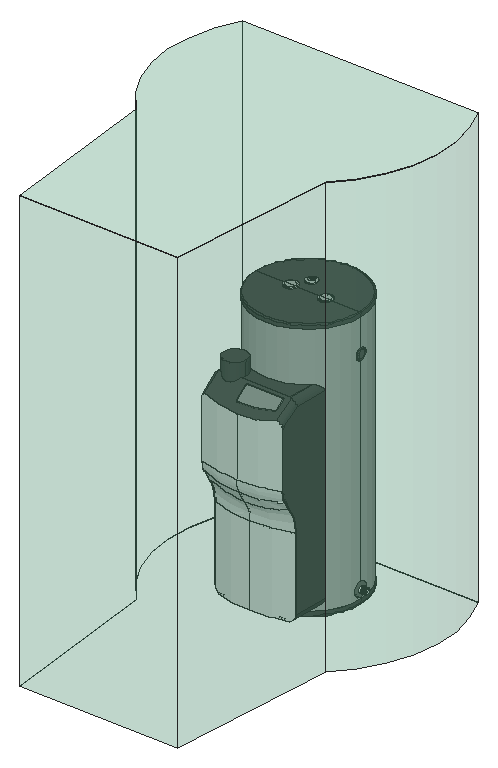
Revit family "Innovo NL_IR 12 160 NL NAT", category Mechanical Equipment, Revit 2015
Parameters (values of type "IR-12-160 NL NAT")
  Werkruimte Radius = Diameter + 170 mm  # 780 mm
  Werkruimte Hoogte = Hoogte + 1000 mm  # 2545 mm
  Werkruimte Afstand Voor = 1000 mm
  Werkruimte [instance] = yes
  Voorzorgsmaatregelen tijdens montage, installatie of onderhoud = "zie Gebruikers, Installatie, Service en Onderhouds handleiding"  # constant formula
  Voltage = 230 V  # constant formula
  Verpakkingslengte = 946 mm  # constant formula
  Verpakkingshoogte = 1695 mm
  Verpakkingsbreedte = 786 mm  # constant formula
  Uitsluitend werkend in daluren = no
  Type aanduiding = "IR-32-245"
  Transportgewicht = 136 kg
  Totaal Gewicht = 381 kg
  Stilstandsverlies - dagelijks (24u) = 0 W
  Stilstandsverlies = 0 W
  Standaard Afgesteld op = "G30/G31"
  Stand Regelthermostaat = 65 °C  # constant formula
  Soort Verpakking = "Karton en Hout"  # constant formula
  Slimme controlefunctie = no
  Setpoint thermostaat = 65 °C  # constant formula
  Seizoens Rendement (Hs) = [Rendement (Hs, vlgs. NEN-EN 89 - 1999)]  # 95
  Rendement (Hs, vlgs. NEN-EN 89 - 1999) = 95
  Rendement (Hi, vlgs. NEN-EN 89 - 1999) = 106
  Produktspecificaties Link = ""
  Produkthandleiding Link = ""
  Produkt Model Nummer (EAN-nummer) = "8717449283940"
  Onderhoudsinterval = "12 maanden"  # constant formula
  Nominale Belasting (Onderwaarde) = "33000.0/29000.0"
  Nominale Belasting (Bovenwaarde) = "35800.0/31500.0"
  Nominaal Vermogen = "34100.0/30100.0"
  NOx-uitstoot mg/kWh = "103.0/37.0"
  NOx-uitstoot (lucht vrij, 0% O2) ppm = "63.0/23.0"
  Min. Stand Regelthermostaat = 40 °C  # constant formula
  Max. Werkdruk = 800000.0 Pa
  Max. Stand Regelthermostaat = 85 °C  # constant formula
  Max. Rookgastemperatuur = 65 °C
  Ledig Gewicht = 120 kg
  Kraan Hoogte 02 = if(and(Hoogte = 1745 mm, Diameter = 675 mm), 1518 mm, if(and(Hoogte = 1745 mm, Diameter = 610 mm), 1534 mm, if(Hoogte = 1545 mm, 1328 mm, 1070 mm)))  # 1328 mm
  Kraan Hoogte 01 = if(and(Diameter > 560 mm), 693 mm, 604 mm)  # 693 mm
  Uitschakeldruk LDS < = 210.0 Pa
  URL = "www.aosmith.nl"
  Tapcapaciteit bij ΔT = 70°C  na 90 min. = 710.0 L
  Tapcapaciteit bij ΔT = 70°C  na 60 min. = 520.0 L
  Tapcapaciteit bij ΔT = 70°C  na 30 min. = 330.0 L
  Tapcapaciteit bij ΔT = 70°C  na 120 min. = 900.0 L
  Tapcapaciteit bij ΔT = 55°C  na 90 min. = 930.0 L
  Tapcapaciteit bij ΔT = 55°C  na 60 min. = 690.0 L
  Tapcapaciteit bij ΔT = 55°C  na 30 min. = 440.0 L
  Tapcapaciteit bij ΔT = 55°C  na 120 min. = 1200.0 L
  Tapcapaciteit bij ΔT = 50°C  na 90 min. = 1100.0 L
  Tapcapaciteit bij ΔT = 50°C  na 60 min. = 760.0 L
  Tapcapaciteit bij ΔT = 50°C  na 30 min. = 500.0 L
  Tapcapaciteit bij ΔT = 50°C na 120 min. = 1300.0 L
  Tapcapaciteit bij ΔT = 44°C na 120 min. = 1200.0 L
  Tapcapaciteit bij ΔT = 44°C  na 90 min. = 870.0 L
  Tapcapaciteit bij ΔT = 44°C  na 60 min. = 570.0 L
  Tapcapaciteit bij ΔT = 44°C  na 30 min. = 1500.0 L
  Tapcapaciteit bij ΔT = 28°C na 90 min. = 1900.0 L
  Tapcapaciteit bij ΔT = 28°C na 60 min. = 1400.0 L
  Tapcapaciteit bij ΔT = 28°C na 30 min. = 930.0 L
  Tapcapaciteit bij ΔT = 28°C na 120 min. = 2400.0 L
  Tapcapaciteit Continu bij ΔT = 70°C = 380.0 L/s
  Tapcapaciteit Continu bij ΔT = 55°C = 480.0 L/s
  Tapcapaciteit Continu bij ΔT = 50°C = 530.0 L/s
  Tapcapaciteit Continu bij ΔT = 44°C = 600.0 L/s
  Tapcapaciteit Continu bij ΔT = 28°C = 960.0 L/s
  Opwarmtijd bij ΔT = 70°C = "31"
  Opwarmtijd bij ΔT = 55°C = "24"
  Opwarmtijd bij ΔT = 50°C = "22"
  Opwarmtijd bij ΔT = 44°C = "20"
  Opwarmtijd bij ΔT = 28°C = "13"
  Model = "IR-32-325 NL LP"
  Manufacturer = "A.O. Smith Water Products Company b.v."  # constant formula
  Length = 780 mm  # constant formula
  Jaarlijks elektriciteitsverbruik (2) = "-"
  Jaarlijks elektriciteitsverbruik (1) = "44 kWh"
  Jaarlijks brandstofverbruik (2) = "-"
  Jaarlijks brandstofverbruik (1) = "21 GJ GCV"
  Isolatiedikte = 44 mm
  Installatie Typen = "B23/C13/C33/C43/C53/C63"  # constant formula
  Inhoud = 245.0 L
  Hoogte Warm Water Uitlaat = 1545 mm
  Hoogte Rookgasafvoer = 1345 mm
  Hoogte Lucht Inlaat = 1345 mm
  Hoogte Koud Water Inlaat = 170 mm
  Hoogte Gas Aansluiting = 920 mm
  Hoogte = 1545 mm
  Handelsmerk = "A.O. Smith"  # constant formula
  Geluidsniveau dB (A) = "<45"  # constant formula
  Geluidsniveau binnen = "58 dB"
  Gasverbruik - Volume ltr/hr = "n.v.t."
  Gasverbruik - Massa kg/h = "2.60/2.30"
  Gascategorie = "II2EK3B/P"  # constant formula
  Gas Voordruk = 5000.0 Pa
  Gas Aansluiting = 15"  # constant formula
  Garrantie op Tank = "36 maanden"  # constant formula
  Garrantie op Onderdelen = "12 maanden"  # constant formula
  Frequentie = 50 Hz  # constant formula
  Fase = 1
  Fabrikantnummer = "E 7110"  # constant formula
  Energie-efficiëntieklasse voor waterverwarming (2) = "-"
  Energie-efficiëntieklasse voor waterverwarming (1) = "A"  # constant formula
  Energie-efficiëntie voor waterverwarming (2) = "-"
  Energie-efficiëntie voor waterverwarming (1) = "92%"
  Elektrisch Vermogen (piek) = 105 W
  Elektrisch Vermogen (nominaal) = 85 W
  Diameter Schoorsteen - parallel systeem = "2x80"  # constant formula
  Diameter Schoorsteen - concentrisch systeem = "80/125 mm/mm"  # constant formula
  Diameter Schoorsteen - boiler = "80/125 mm/mm"  # constant formula
  Diameter = 610 mm
  Description = "Condenserende Hoog Rendementsboiler"  # constant formula
  Created By = "http://www.cadcompany.nl/"
  Capaciteitsprofiel = "XXL"
  CO2-uitstoot (tol. +/- 1.0) vol% = "11.8/10.0"
  CE-PIN = "0063CQ3037"  # constant formula
  Breedte = Diameter  # 610 mm
  Bestemming / Land = "Nederland"  # constant formula
  BIM Content Developer = "CAD & Company"  # constant formula
  Assembly Code = "D3010"
  Ander capaciteitsprofiel = "-"
  Aansluiting Warm Water = 1"
  Aansluiting T&P = 1"
  Aansluiting Koud Water = 3/4"  # constant formula
  Aansluiting Condensafvoer = 40 mm  # constant formula
  Aansluiting Aftapkraan = 3/4"  # constant formula
  2e Onderhoud (algeheel onderhoud) = "12 maanden na installatie"  # constant formula
  1e Onderhoud (check-up) = "3 maanden na installatie"  # constant formula
Reference planes
  plane 1 "Center (Front/Back)": y = 0
  plane 2: z = 0
  plane 3 "Center (Left/Right)": x = 0
  plane 4 "Pipe": through (-383.901, 912.349, 194.799) normal (-0.0879, -0.0879, 0.9923)
  plane 5 "footing": y = 118.925
  plane 6 "footing front": y = -237.85
  plane 7: x = -305
  plane 8: x = 305
  plane 9: z = 1545
Forms (mm)
  Revolve 1, solid, material "RAL 9005", detail levels medium+fine
    sketch origin (0, -237.85, 0) x (-1, 0, 0) y (0, 0, 1)
      loop
        line (0, 28.9) -> (-15, 28.9) -> (-15, 26.4) -> (-8.671, 26.4) -> (-8.671, 18) -> (-5.686, 18) -> (-6.626, 17.06) -> (-6.626, 12.06) -> (-8.671, 12.06) -> (-8.671, 10) -> (-10.031, 10) -> (-23.271, 5.181)
        arc (-23.271, 5.181) -> (-23.763, 4.836) -> (-24.017, 4.293) r 1.159
        line (-24.017, 4.293) -> (-24.017, 1.03)
        arc (-24.017, 1.03) -> (-23.715, 0.302) -> (-22.986, 0) r 1.03
        line (-22.986, 0) -> (0, 0) -> (0, 28.9)
      axis (0, 28.9) -> (0, 0)
    angle from 0 to 360
  Revolve 2, solid, material "RAL 9005", detail levels medium+fine
    sketch origin (0, 118.925, 0) x (-1, 0, 0) y (0, 0, 1)
      loop
        line (-205.984, 28.9) -> (-220.984, 28.9) -> (-220.984, 26.4) -> (-214.655, 26.4) -> (-214.655, 18) -> (-211.67, 18) -> (-212.61, 17.06) -> (-212.61, 12.06) -> (-214.655, 12.06) -> (-214.655, 10) -> (-216.015, 10) -> (-229.256, 5.181)
        arc (-229.256, 5.181) -> (-229.747, 4.836) -> (-230.001, 4.293) r 1.159
        line (-230.001, 4.293) -> (-230.001, 1.03)
        arc (-230.001, 1.03) -> (-229.699, 0.302) -> (-228.971, 0) r 1.03
        line (-228.971, 0) -> (-205.984, 0) -> (-205.984, 28.9)
      axis (-205.984, 28.9) -> (-205.984, 0)
    angle from 0 to 360
  Revolve 3, solid, material "RAL 9005", detail levels medium+fine
    sketch origin (0, 118.925, 0) x (-1, 0, 0) y (0, 0, 1)
      loop
        line (204.016, 28.9) -> (189.016, 28.9) -> (189.016, 26.4) -> (195.345, 26.4) -> (195.345, 18) -> (198.33, 18) -> (197.39, 17.06) -> (197.39, 12.06) -> (195.345, 12.06) -> (195.345, 10) -> (193.985, 10) -> (180.744, 5.181)
        arc (180.744, 5.181) -> (180.253, 4.836) -> (179.999, 4.293) r 1.159
        line (179.999, 4.293) -> (179.999, 1.03)
        arc (179.999, 1.03) -> (180.301, 0.302) -> (181.029, 0) r 1.03
        line (181.029, 0) -> (204.016, 0) -> (204.016, 28.9)
      axis (204.016, 28.9) -> (204.016, 0)
    angle from 0 to 360
Lines and regions (mm)
  symbolic lines
    curve 1: line (0, 280.06, 0) -> (0, -280.06, 0)
    curve 2: line (-280.06, 0, 0) -> (280.06, 0, 0)
  symbolic lines, style "Workspace"
    curve 3: line (681.142, 380.06, 0) -> (-681.142, 380.06, 0)
    curve 4: arc (-681.142, 380.06, 0) -> (-777.325, -64.546, 0) -> (-609.127, -487.2, 0) r 780
    curve 5: line (-609.127, -487.2, 0) -> (-421.783, -1517.825, 0)
    curve 6: line (-421.783, -1517.825, 0) -> (424.03, -1517.825, 0)
    curve 7: line (424.03, -1517.825, 0) -> (611.027, -484.816, 0)
    curve 8: arc (611.027, -484.816, 0) -> (777.449, -63.027, 0) -> (681.142, 380.06, 0) r 780
Dimensions and locks
  plane 5 "footing" to plane 1 "Center (Front/Back)" = 118.925 mm
  plane 1 "Center (Front/Back)" to plane 6 "footing front" = 237.85 mm
  "Diameter": plane 7 to plane 8
  equal spacing: plane 7, plane 3 "Center (Left/Right)", plane 8
  "Hoogte": plane 9 to plane 2
  "Werkruimte Afstand Voor": curve 6 to nested 3
  "Werkruimte Radius": radius of curve 4
  "Werkruimte Radius": radius of curve 8
  aligned and locked: level to plane 2
  aligned and locked: nested 3 to Revolve 1 sketch curve
  aligned and locked: plane 3 "Center (Left/Right)" to Revolve 1 sketch curve
  aligned and locked: nested 3 to plane 1 "Center (Front/Back)"
  aligned and locked: plane 3 "Center (Left/Right)" to nested 3
  aligned and locked: nested 1 to plane 8
  aligned and locked: nested 5 to plane 8
  aligned and locked: nested 2 to plane 7
  aligned and locked: nested 4 to plane 7
  aligned and locked: nested 7 to plane 7
  aligned and locked: nested 8 to plane 3 "Center (Left/Right)"
  aligned and locked: curve 3 to nested 8
  aligned and locked: nested 8 to nested 3
Automatic sketch dimensions
  Revolve 1 sketch curve to level = 0 mm
  plane 3 "Center (Left/Right)" to Revolve 1 sketch curve = 5.686 mm
  Revolve 1 sketch curve to Revolve 1 sketch curve = 0.94 mm  (x2)
  Revolve 1 sketch curve to Revolve 1 sketch curve = 2.046 mm  (x2)
  Revolve 1 sketch curve to Revolve 1 sketch curve = 1.359 mm
  Revolve 1 sketch curve to Revolve 1 sketch curve = 6.329 mm
  level to Revolve 1 sketch curve = 4.091 mm
  Revolve 1 sketch curve to Revolve 1 sketch curve = 12.844 mm
  level to Revolve 1 sketch curve = 1.03 mm
  Revolve 1 sketch curve to Revolve 1 sketch curve = 0.111 mm
  level to Revolve 1 sketch curve = 5.181 mm
  Revolve 1 sketch curve to Revolve 1 sketch curve = 0.745 mm
  level to Revolve 1 sketch curve = 10 mm
  Revolve 1 sketch curve to Revolve 1 sketch curve = 2.06 mm
  Revolve 1 sketch curve to Revolve 1 sketch curve = 5 mm
  Revolve 1 sketch curve to Revolve 1 sketch curve = 8.4 mm
  Revolve 1 sketch curve to Revolve 1 sketch curve = 2.5 mm
  Revolve 1 sketch curve to level = 19.635 mm
  Revolve 1 sketch curve to Revolve 1 sketch curve = 46.465 mm
  Revolve 2 sketch curve to level = 0 mm
  level to Revolve 2 sketch curve = 1.03 mm
  Revolve 2 sketch curve to plane 8 = 74.999 mm
  level to Revolve 2 sketch curve = 5.181 mm
  Revolve 2 sketch curve to Revolve 2 sketch curve = 0.745 mm
  Revolve 2 sketch curve to Revolve 2 sketch curve = 0.397 mm
  Revolve 2 sketch curve to Revolve 2 sketch curve = 8.271 mm
  Revolve 2 sketch curve to Revolve 2 sketch curve = 13.241 mm
  Revolve 2 sketch curve to Revolve 2 sketch curve = 1.359 mm
  Revolve 2 sketch curve to Revolve 2 sketch curve = 6.329 mm
  Revolve 2 sketch curve to Revolve 2 sketch curve = 2.046 mm
  level to Revolve 2 sketch curve = 18 mm
  Revolve 2 sketch curve to Revolve 2 sketch curve = 0.94 mm  (x2)
  Revolve 2 sketch curve to Revolve 2 sketch curve = 8.671 mm
  Revolve 2 sketch curve to Revolve 2 sketch curve = 1.089 mm
  Revolve 2 sketch curve to Revolve 2 sketch curve = 8 mm
  Revolve 2 sketch curve to Revolve 2 sketch curve = 2.06 mm
  Revolve 2 sketch curve to Revolve 2 sketch curve = 8.4 mm
  Revolve 2 sketch curve to Revolve 2 sketch curve = 2.5 mm
  Revolve 2 sketch curve to Revolve 2 sketch curve = 0 mm
  Revolve 2 sketch curve to level = 19.635 mm
  Revolve 2 sketch curve to Revolve 2 sketch curve = 46.465 mm
  Revolve 3 sketch curve to level = 0 mm
  level to Revolve 3 sketch curve = 1.03 mm
  Revolve 3 sketch curve to plane 7 = 125.001 mm
  level to Revolve 3 sketch curve = 5.181 mm
  Revolve 3 sketch curve to Revolve 3 sketch curve = 0.745 mm
  Revolve 3 sketch curve to Revolve 3 sketch curve = 0.397 mm
  Revolve 3 sketch curve to Revolve 3 sketch curve = 8.271 mm
  Revolve 3 sketch curve to Revolve 3 sketch curve = 13.241 mm
  Revolve 3 sketch curve to Revolve 3 sketch curve = 1.359 mm
  Revolve 3 sketch curve to Revolve 3 sketch curve = 6.329 mm
  Revolve 3 sketch curve to Revolve 3 sketch curve = 2.046 mm
  level to Revolve 3 sketch curve = 18 mm
  Revolve 3 sketch curve to Revolve 3 sketch curve = 0.94 mm  (x2)
  Revolve 3 sketch curve to Revolve 3 sketch curve = 8.671 mm
  Revolve 3 sketch curve to Revolve 3 sketch curve = 1.089 mm
  Revolve 3 sketch curve to Revolve 3 sketch curve = 8 mm
  Revolve 3 sketch curve to Revolve 3 sketch curve = 2.06 mm
  Revolve 3 sketch curve to Revolve 3 sketch curve = 8.4 mm
  Revolve 3 sketch curve to Revolve 3 sketch curve = 2.5 mm
  Revolve 3 sketch curve to Revolve 3 sketch curve = 0 mm
  Revolve 3 sketch curve to level = 19.635 mm
  Revolve 3 sketch curve to Revolve 3 sketch curve = 46.465 mm
  curve 4 to curve 8 = 0 mm  (x2)
  plane 1 "Center (Front/Back)" to curve 2 = 0 mm
  curve 1 to plane 3 "Center (Left/Right)" = 0 mm
  plane 1 "Center (Front/Back)" to curve 4 = 0 mm
  curve 4 to plane 3 "Center (Left/Right)" = 0 mm
  curve 5 to plane 6 "footing front" = 249.35 mm
  plane 7 to curve 5 = 116.783 mm
  plane 8 to curve 7 = 119.03 mm
  curve 7 to plane 6 "footing front" = 246.966 mm
  curve 2 to plane 7 = 24.94 mm
  curve 2 to plane 8 = 24.94 mm
  curve 1 to plane 6 "footing front" = 42.21 mm
  plane 5 "footing" to curve 1 = 161.135 mm
Nested families
  nested 1: "Valve" at (305, -0.38, 1328) x (0, 1, 0) z (0, 0, 1), built-in parameter 1001364 <- "Kraan Hoogte 02", type "Valve"
  nested 2: "Drain Valve" at (-305, 0, 1328), built-in parameter 1001364 <- "Kraan Hoogte 02", type "Drain Valve"
  nested 3: "Housing Mother Housing S 57 (external)" at (0, -299.886, 0), type "Housing Mother_Housing S_57"
    with radius 305 mm, distance to boiler center 154 mm, diameter 610 mm
  nested 4: "Drain Valve" at (-305, 0, 177), type "Drain Valve"
  nested 5: "Drain Valve" at (305, 0, 107) x (-1, 0, 0) z (0, 0, 1), type "Drain Valve"
  nested 6: "Boiler" at (0, 0, 0), height <- "Hoogte", type "Boiler"
    with height 1545 mm, radius 305 mm, Diameter 610 mm
  nested 7: "Drain Valve" at (-305, 0, 693), built-in parameter 1001364 <- "Kraan Hoogte 01", type "Drain Valve"
  nested 8: "Innovo_workspace" at (0, 0, 0), Workspace <- "Werkruimte", Workspace Distance Front <- "Werkruimte Afstand Voor", Workspace Height <- "Werkruimte Hoogte", Workspace Radius <- "Werkruimte Radius", type "Workspace"
    with Workspace Radius 780 mm, Workspace Height 2545 mm, Workspace Distance Front 1000 mm, Workspace yes, Center to Front 517.825 mm
Connectors
  piping at (339.826, 0, 107), diameter 19.05, driven by "Aansluiting Aftapkraan"
    settings: on nested 5, index 1, connector inside diameter 24", connector length 0 mm, flow factor 0, pipe flow 0.0 L/s, pressure drop 0.0 Pa, fitting loss kfactor 0, connector angle 0.00°, fixture units 0, engagement length 0 mm, angle of deflection 0.00°, flow configuration 0, flow direction 0, fitting loss method 0, system type 19, joint type 0, gender type 0, connector reference index -1, connector utility 0, adjustable connector no, is connector primary yes, connector description ""
  hvac at (-147.013, -346.326, 1310.674)
    settings: on nested 3, index 2, duct flow 0.0 L/s, flow factor 0, pres drop 0.0 Pa, loss coef 0, conn angle 0.00°, conn width 304.8 mm, conn height 304.8 mm, conn diameter 125 mm, duct sys type 4, conn prof type 0, flow config 0, flow direction 0, loss method 0, conn ref index -1, conn util no, is conn primary yes, conn desc ""
Definition of nested family "Valve"
  Parameters (values of type "Valve")
    Type Comments = "T&P valve (internal)"
    Manufacturer = "A.O. Smith"
  Reference planes
    plane 1 "Center (Front/Back)": y = 0
    plane 2: z = 0
    plane 3 "Center (Left/Right)": x = 0
  Forms (mm)
    Extrusion 1, solid, detail levels fine
      sketch origin (0, 0, 0) x (1, 0, 0) y (0, 0, 1)
        loop
          circle (0, 0) r 31.5
      from -2.271 to 1.4
    Sweep 2, solid, detail levels fine
      path origin (0, -1.4, 0) x (1, 0, 0) y (0, 0, 1)
        loop
          circle (0, 0) r 31.5
      profile origin (0, -1.4, 31.5) x (0, 0, -1) y (0, -1, 0)
        loop
          line (7.3, 0) -> (7.3, 3) -> (0, 0) -> (7.3, 0)
  Dimensions and locks
    aligned and locked: level to plane 2
Definition of nested family "Drain Valve"
  Reference planes
    plane 1 "Center (Front/Back)": y = 0
    plane 2: z = 0
    plane 3 "Center (Left/Right)": x = 0
  Forms (mm)
    Revolve 1, solid, detail levels medium+fine
      sketch origin (0, 0, 0) x (1, 0, 0) y (0, 0, 1)
        loop
          line (-33.442, 15.696) -> (-34.826, 14.329) -> (-34.93, 12.731) -> (-16.555, 12.731) -> (-16.555, 0) -> (15.787, 0) -> (15.787, 18.3) -> (-14.4, 18.3) -> (-17.148, 15.533) -> (-18.729, 16.697) -> (-20.091, 15.333) -> (-21.672, 16.496) -> (-23.034, 15.133) -> (-24.614, 16.296) -> (-25.976, 14.932) -> (-27.557, 16.096) -> (-28.919, 14.732) -> (-30.5, 15.896) -> (-31.862, 14.532) -> (-33.442, 15.696)
        axis (-34.93, 0) -> (15.787, 0)
      angle from 0 to 360
  Dimensions and locks
    aligned and locked: level to plane 2
  Nested families
    nested 1: "Rubber sealing" at (2.592, -0.155, 0) x (0.0023, -1, 0) z (0, 0, 1), type "Rubber sealing", detail levels fine
  Definition of nested family "Rubber sealing"
    Reference planes
      plane 1 "Center (Front/Back)": y = 0
      plane 2: z = 0
      plane 3 "Center (Left/Right)": x = 0
    Forms (mm)
      Extrusion 1, solid, detail levels fine
        sketch origin (141.861, 319.581, 0) x (1, 0, 0) y (0, 1, 0)
          loop
            line (-216.354, -311.898) -> (-216.354, -313.94)
            arc (-216.354, -313.94) -> (-141.602, -321.581) -> (-66.861, -313.835) r 366.966
            line (-66.861, -313.835) -> (-66.861, -311.791)
            arc (-66.861, -311.791) -> (-141.602, -319.581) -> (-216.354, -311.898) r 364.966
        from -80 to 80
      Extrusion 2, void
        sketch origin (141.861, 319.581, 0) x (1, 0, 0) y (0, 0, 1)
          loop
            circle (-141.861, 0) r 13
          loop
            circle (-141.861, 0) r 110
          loop
            circle (-141.861, 0) r 40
        from 311.563 to 332.684
      Extrusion 3, void
        sketch origin (141.861, 319.581, 0) x (1, 0, 0) y (0, 0, 1)
          loop
            circle (-141.861, 0) r 18.25
        from 315.524 to 326.084
    Cuts and joins
      Extrusion 2, Extrusion 3 cuts Extrusion 1
    Dimensions and locks
      aligned and locked: level to plane 2
Definition of nested family "Housing Mother Housing S 57 (external)"
  Parameters (values of type "Housing Mother_Housing S_57")
    radius [instance] = 280 mm
    distance to boiler center = if(diameter = 675 mm, 189 mm, if(diameter = 610 mm, 154 mm, 129 mm))  # 129 mm
    diameter = 560 mm
  Reference planes
    plane 1 "Center (Front/Back)": y = 0
    plane 2: z = 0
    plane 3 "Center (Left/Right)": x = 0
    plane 4 "left": through (-245.286, 145.886, 1200) normal (0.9994, 0.0349, 0)
    plane 5: y = -217.939
    plane 6: y = 145.886
    plane 7: z = 1232.6
    plane 8: z = 65.89
    plane 9 "right": through (245.286, 145.886, 1200) normal (0.9994, -0.0349, 0)
    plane 10 "display": through (0, -90.37, 1221.196) normal (0, -0.5736, 0.8192)
    plane 11 "Potentiostat": z = 867.899
    plane 12 "boiler center": y = 274.886
    plane 13: x = -280
    plane 14: x = 280
  Forms (mm)
    Extrusion 1, solid
      sketch origin (0, 0, 0) x (1, 0, 0) y (0, 1, 0)
        loop
          line (-245.286, 145.886) -> (-232.581, -217.939) -> (232.581, -217.939) -> (245.286, 145.886)
          arc (245.286, 145.886) -> (0, 0.923) -> (-245.286, 145.886) r 280
      from 0 to 1232.6
    Sweep 2, void
      path origin (0, 0, 0) x (0, 1, 0) y (0, 0, 1)
        loop
          line (-217.939, 1232.6) -> (-217.939, 795.555)
          arc (-217.939, 795.555) -> (-212.387, 754.285) -> (-197.694, 715.322) r 183.924
          arc (-197.694, 715.322) -> (-179.915, 684.628) -> (-159.106, 655.901) r 348.284
          arc (-159.106, 655.901) -> (-131.411, 600.328) -> (-121.88, 538.973) r 202.254
          line (-121.88, 538.973) -> (-121.88, 61.106)
      profile origin (0, -217.939, 1014.077) x (1, 0, 0) y (0, 1, 0)
        loop
          arc (0, 0) -> (-117.533, 9.941) -> (-231.728, 39.475) r 699.984
          arc (-231.728, 39.475) -> (-233.391, 40.705) -> (-234.07, 42.659) r 3.505
          line (-234.07, 42.659) -> (-254.062, 42.659) -> (-254.062, -142.593) -> (254.07, -142.593) -> (254.07, 42.659) -> (234.07, 42.659)
          arc (234.07, 42.659) -> (233.391, 40.705) -> (231.728, 39.475) r 3.505
          arc (231.728, 39.475) -> (117.533, 9.941) -> (0, 0) r 699.984
    Extrusion 3, void
      sketch origin (0, 0, 0) x (0, 1, 0) y (0, 0, 1)
        loop
          arc (102.864, 70.869) -> (99.804, 70.709) -> (96.874, 69.813) r 12.57
          arc (96.874, 69.813) -> (87.878, 66.533) -> (78.516, 64.529) r 69.114
          arc (78.516, 64.529) -> (76.41, 64.284) -> (74.294, 64.148) r 41.206
          arc (74.294, 64.148) -> (65.203, 64.335) -> (56.122, 64.782) r 318.661
          arc (56.122, 64.782) -> (30.585, 66.179) -> (5.028, 67.128) r 1456.581
          line (5.028, 67.128) -> (-84.534, 73.135)
          arc (-84.534, 73.135) -> (-86.363, 73.808) -> (-87.536, 75.365) r 3.455
          line (-87.536, 75.365) -> (-264.473, 75.365) -> (-264.473, 0) -> (160.886, 0) -> (160.886, 103.945) -> (145.886, 103.945)
          arc (145.886, 103.945) -> (145.104, 97.827) -> (142.923, 92.059) r 26.364
          arc (142.923, 92.059) -> (141.067, 88.936) -> (138.867, 86.045) r 31.715
          arc (138.867, 86.045) -> (135.576, 82.49) -> (132.021, 79.2) r 62.615
          arc (132.021, 79.2) -> (125.841, 74.697) -> (119.091, 71.103) r 54.444
          arc (119.091, 71.103) -> (116.371, 70.272) -> (113.531, 70.123) r 11.669
          line (113.531, 70.123) -> (102.864, 70.869)
      from -254.062 to 254.07
    Sweep 4, void
      path origin (0, 0, 0) x (1, 0, 0) y (0, 1, 0)
        loop
          line (-245.286, 145.886) -> (-232.581, -217.939)
      profile origin (-238.933, -36.027, 0) x (0.999391, 0.034899, 0) y (0, 0, 1)
        loop
          line (-4.454, 0) -> (47.084, 0) -> (47.084, 73.431)
          arc (47.084, 73.431) -> (14.222, 85.134) -> (0.255, 117.1) r 43.922
          line (0.255, 117.1) -> (-4.454, 117.1) -> (-4.454, 0)
    Sweep 5, void
      path origin (0, 0, 0) x (-1, 0, 0) y (0, 1, 0)
        loop
          line (-245.286, 145.886) -> (-232.581, -217.939)
      profile origin (238.933, -36.027, 0) x (0.999391, -0.034899, 0) y (0, 0, 1)
        loop
          line (4.454, 0) -> (4.454, 117.1) -> (-0.255, 117.1)
          arc (-0.255, 117.1) -> (-14.222, 85.134) -> (-47.084, 73.431) r 43.922
          line (-47.084, 73.431) -> (-47.084, 0) -> (4.454, 0)
    Sweep 6, void
      path origin (-239.899, -8.377, 0) x (-0.034899, 0.999391, 0) y (0, 0, 1)
        loop
          line (-209.69, 1141.272) -> (-79.18, 1232.6) -> (154.358, 1232.6)
      profile origin (-241.211, 29.188, 1232.6) x (0, 0, 1) y (0.999391, 0.034899, 0)
        loop
          line (-45, -30) -> (75, -30) -> (75, 0) -> (75, 55) -> (2.799, 55) -> (-1.253, 35.128)
          arc (-1.253, 35.128) -> (-16.771, 9.564) -> (-45, -0.308) r 44.287
          line (-45, -0.308) -> (-45, -30)
    Sweep 7, void
      path origin (239.899, -8.377, 0) x (0.034899, 0.999391, 0) y (0, 0, 1)
        loop
          line (-209.69, 1141.272) -> (-79.18, 1232.6) -> (154.358, 1232.6)
      profile origin (241.211, 29.188, 1232.6) x (0, 0, -1) y (-0.999391, 0.034899, 0)
        loop
          line (-75, -25) -> (45, -25) -> (45, -0.308)
          arc (45, -0.308) -> (16.771, 9.564) -> (1.253, 35.128) r 44.287
          line (1.253, 35.128) -> (-2.799, 55) -> (-75, 55) -> (-75, -25)
    Extrusion 8, void
      sketch origin (0, 0, 0) x (0, 1, 0) y (0, 0, 1)
        loop
          line (-270, 1336.099) -> (-270, 1099.081) -> (68.497, 1336.099) -> (-270, 1336.099)
      from -425.038 to 444.42
    Extrusion 9, solid, detail levels medium+fine
      sketch origin (0, 0, 0) x (1, 0, 0) y (0, 1, 0)
        loop
          circle (-147.013, -46.44) r 65
      from 1163.174 to 1310.674
    Extrusion 10, void
      sketch origin (0, -603.506, 861.895) x (0, 0.819152, 0.573576) y (-1, 0, 0)
        loop
          arc (618.322, -173) -> (623.272, -170.95) -> (625.322, -166) r 7
          line (625.322, -166) -> (625.322, 35)
          arc (625.322, 35) -> (623.272, 39.95) -> (618.322, 42) r 7
          line (618.322, 42) -> (535.473, 42)
          arc (535.473, 42) -> (530.688, 40.11) -> (528.488, 35.46) r 7
          arc (528.488, 35.46) -> (531.569, -67.592) -> (554.18, -168.18) r 540
          arc (554.18, -168.18) -> (556.724, -171.668) -> (560.831, -173) r 7
          line (560.831, -173) -> (618.322, -173)
      from 0 to 137.286
    Sweep 11, solid, detail levels fine
      path origin (0, 0, 867.899) x (-1, 0, 0) y (0, -1, 0)
        loop
          line (309.749, -35.617) -> (204.371, -35.617)
          arc (204.371, -35.617) -> (196.509, -34.687) -> (189.082, -31.947) r 33.677
          line (189.082, -31.947) -> (-9.574, 69.274)
      profile origin (-257.06, 35.617, 867.899) x (0, 1, 0) y (0, 0, 1)
        loop
          circle (0, 0) r 7.316
        loop
          circle (0, 0) r 6.465
    Revolve 12, void
      sketch origin (0, 274.886, 0) x (-1, 0, 0) y (0, 0, 1)
        loop
          line (280, 1243.838) -> (0, 1243.838) -> (0, 54.9) -> (280, 54.9) -> (280, 1243.838)
        axis (0, 1243.838) -> (0, 54.9)
      angle from 0 to 360
  Cuts and joins
    Sweep 2, Extrusion 3, Sweep 4, Sweep 5, Sweep 6, Sweep 7, Extrusion 8, Extrusion 10, Revolve 12 cuts Extrusion 1
  Dimensions and locks
    plane 8 to plane 2 = 65.89 mm
    plane 7 to plane 8 = 1166.71 mm
    "distance to boiler center": plane 12 "boiler center" to plane 6
    "diameter": plane 14 to plane 13
    equal spacing: plane 14, plane 3 "Center (Left/Right)", plane 13
    "radius": plane 3 "Center (Left/Right)" to plane 13
    aligned and locked: level to plane 2
    aligned and locked: Extrusion 1 to plane 7
    aligned and locked: Extrusion 1 sketch curve to plane 5
    aligned and locked: Sweep 2 to Extrusion 3
    aligned and locked: Extrusion 3 to Sweep 2  (x2)
    aligned and locked: plane 7 to Sweep 2 sketch curve
    aligned and locked: plane 3 "Center (Left/Right)" to Revolve 12 sketch curve
    aligned and locked: Revolve 12 sketch curve to plane 3 "Center (Left/Right)"
    aligned and locked: plane 13 to Revolve 12 sketch curve
  Automatic sketch dimensions
    Extrusion 1 sketch curve to plane 4 "left" = 0 mm  (x2)
    Extrusion 1 sketch curve to plane 6 = 0 mm  (x2)
    Extrusion 1 sketch curve to plane 3 "Center (Left/Right)" = 0 mm
    Extrusion 1 sketch curve to plane 9 "right" = 0 mm
    plane 6 to Extrusion 1 sketch curve = 135.037 mm
    Sweep 2 sketch curve to plane 5 = 0 mm
    plane 5 to Sweep 2 sketch curve = 106.195 mm
    Sweep 2 sketch curve to plane 5 = 96.059 mm
    plane 1 "Center (Front/Back)" to Sweep 2 sketch curve = 34.053 mm
    plane 11 "Potentiostat" to Sweep 2 sketch curve = 6.417 mm
    Sweep 2 sketch curve to plane 6 = 33.705 mm
    Sweep 2 sketch curve to plane 11 "Potentiostat" = 68.615 mm
    Sweep 2 sketch curve to plane 11 "Potentiostat" = 72.345 mm
    Sweep 2 sketch curve to Sweep 2 sketch curve = 176.349 mm
    Sweep 2 sketch curve to Sweep 2 sketch curve = 0 mm  (x2)
    plane 8 to Sweep 2 sketch curve = 4.784 mm
    Extrusion 3 sketch curve to level = 0 mm
    Extrusion 3 sketch curve to plane 6 = 0 mm
    Extrusion 3 sketch curve to plane 6 = 26.363 mm
    Extrusion 3 sketch curve to Extrusion 3 sketch curve = 4.75 mm
    Extrusion 3 sketch curve to Extrusion 3 sketch curve = 5.179 mm
    Extrusion 3 sketch curve to plane 8 = 4.232 mm
    Extrusion 3 sketch curve to Extrusion 3 sketch curve = 0.814 mm
    Extrusion 3 sketch curve to plane 8 = 4.978 mm
    Extrusion 3 sketch curve to Extrusion 3 sketch curve = 10.667 mm
    Extrusion 3 sketch curve to Extrusion 3 sketch curve = 0.877 mm
    Extrusion 3 sketch curve to Extrusion 3 sketch curve = 17.827 mm
    Extrusion 3 sketch curve to Extrusion 3 sketch curve = 5.646 mm
    Extrusion 3 sketch curve to plane 6 = 69.562 mm
    Extrusion 3 sketch curve to Extrusion 3 sketch curve = 18.6 mm
    Extrusion 3 sketch curve to Extrusion 3 sketch curve = 22.538 mm
    Extrusion 3 sketch curve to plane 8 = 1.238 mm
    Extrusion 3 sketch curve to plane 1 "Center (Front/Back)" = 5.028 mm
    plane 1 "Center (Front/Back)" to Extrusion 3 sketch curve = 36.224 mm
    Extrusion 3 sketch curve to plane 8 = 10.692 mm
    plane 1 "Center (Front/Back)" to Extrusion 3 sketch curve = 84.302 mm
    Extrusion 3 sketch curve to plane 8 = 7.244 mm
    Extrusion 3 sketch curve to Extrusion 3 sketch curve = 0.231 mm
    Extrusion 3 sketch curve to Extrusion 3 sketch curve = 3.234 mm
    plane 5 to Extrusion 3 sketch curve = 46.534 mm
    plane 6 to Extrusion 3 sketch curve = 15 mm
    Extrusion 3 sketch curve to level = 1388.869 mm
    plane 8 to Extrusion 3 sketch curve = 7.561 mm
    Extrusion 3 sketch curve to Extrusion 3 sketch curve = 11.64 mm
    Extrusion 3 sketch curve to plane 8 = 38.054 mm
    Extrusion 3 sketch curve to Extrusion 3 sketch curve = 22.442 mm
    Extrusion 3 sketch curve to plane 8 = 39.432 mm
    Extrusion 3 sketch curve to Extrusion 3 sketch curve = 2.466 mm
    Extrusion 3 sketch curve to Extrusion 3 sketch curve = 14.17 mm
    Extrusion 3 sketch curve to Extrusion 3 sketch curve = 5.925 mm
    Extrusion 3 sketch curve to Extrusion 3 sketch curve = 6.186 mm
    Extrusion 3 sketch curve to Extrusion 3 sketch curve = 249.85 mm
    Extrusion 3 sketch curve to Extrusion 3 sketch curve = 0 mm  (x4)
    Extrusion 3 sketch curve to Extrusion 3 sketch curve = 6.845 mm
    plane 8 to Extrusion 3 sketch curve = 1.743 mm
    Sweep 4 sketch curve to plane 4 "left" = 0 mm  (x2)
    Sweep 4 sketch curve to plane 6 = 0 mm
    plane 5 to Sweep 4 sketch curve = 0 mm
    Sweep 4 sketch curve to level = 0 mm
    profile plane to Sweep 4 sketch curve = 4.454 mm
    Sweep 4 sketch curve to profile plane = 0.255 mm
    Sweep 4 sketch curve to Sweep 4 sketch curve = 43.922 mm
    Sweep 4 sketch curve to profile plane = 47.084 mm
    level to Sweep 4 sketch curve = 73.431 mm
    Sweep 4 sketch curve to Sweep 4 sketch curve = 43.669 mm
    Sweep 5 sketch curve to plane 6 = 0 mm
    Sweep 5 sketch curve to plane 9 "right" = 0 mm  (x2)
    plane 5 to Sweep 5 sketch curve = 0 mm
    Sweep 5 sketch curve to level = 0 mm
    profile plane to Sweep 5 sketch curve = 47.084 mm
    Sweep 5 sketch curve to Sweep 5 sketch curve = 2.907 mm
    profile plane to Sweep 5 sketch curve = 0.255 mm
    Sweep 5 sketch curve to profile plane = 4.454 mm
    level to Sweep 5 sketch curve = 73.431 mm
    Sweep 5 sketch curve to Sweep 5 sketch curve = 43.669 mm
    Sweep 6 sketch curve to plane 7 = 0 mm
    plane 7 to Sweep 6 sketch curve = 91.328 mm
    Sweep 6 sketch curve to Sweep 6 sketch curve = 130.509 mm
    Sweep 6 sketch curve to Sweep 6 sketch curve = 233.538 mm
    Sweep 6 sketch curve to plane 4 "left" = 0 mm
    profile plane to Sweep 6 sketch curve = 45 mm
    Sweep 6 sketch curve to Sweep 6 sketch curve = 0.354 mm
    profile plane to Sweep 6 sketch curve = 1.253 mm
    Sweep 6 sketch curve to profile plane = 2.799 mm
    Sweep 6 sketch curve to Sweep 6 sketch curve = 72.201 mm
    Sweep 6 sketch curve to plane 4 "left" = 0.308 mm
    Sweep 6 sketch curve to Sweep 6 sketch curve = 29.692 mm
    plane 4 "left" to Sweep 6 sketch curve = 35.128 mm
    plane 4 "left" to Sweep 6 sketch curve = 55 mm
    Sweep 7 sketch curve to plane 7 = 0 mm
    Sweep 7 sketch curve to plane 7 = 91.328 mm
    Sweep 7 sketch curve to Sweep 7 sketch curve = 130.509 mm
    Sweep 7 sketch curve to Sweep 7 sketch curve = 233.538 mm
    Sweep 7 sketch curve to plane 9 "right" = 25 mm
    profile plane to Sweep 7 sketch curve = 75 mm
    profile plane to Sweep 7 sketch curve = 2.799 mm
    Sweep 7 sketch curve to profile plane = 1.253 mm
    Sweep 7 sketch curve to Sweep 7 sketch curve = 43.393 mm
    Sweep 7 sketch curve to profile plane = 45 mm
    Sweep 7 sketch curve to plane 9 "right" = 0.308 mm
    plane 9 "right" to Sweep 7 sketch curve = 35.128 mm
    Sweep 7 sketch curve to Sweep 7 sketch curve = 19.872 mm
    plane 5 to Extrusion 8 sketch curve = 52.061 mm
    Extrusion 8 sketch curve to plane 1 "Center (Front/Back)" = 68.497 mm
    plane 7 to Extrusion 8 sketch curve = 133.519 mm
    Extrusion 8 sketch curve to plane 7 = 103.499 mm
    plane 1 "Center (Front/Back)" to Extrusion 9 sketch curve = 46.44 mm
    Extrusion 9 sketch curve to plane 3 "Center (Left/Right)" = 147.013 mm
    Extrusion 10 sketch curve to plane 3 "Center (Left/Right)" = 0 mm
    Extrusion 10 sketch curve to plane 3 "Center (Left/Right)" = 35 mm
    Extrusion 10 sketch curve to Extrusion 10 sketch curve = 25.359 mm
    Extrusion 10 sketch curve to Extrusion 10 sketch curve = 57.491 mm
    Extrusion 10 sketch curve to plane 3 "Center (Left/Right)" = 42 mm
    Extrusion 10 sketch curve to Extrusion 10 sketch curve = 82.85 mm
    Extrusion 10 sketch curve to Extrusion 10 sketch curve = 7 mm
    Extrusion 10 sketch curve to Extrusion 10 sketch curve = 442 mm
    plane 3 "Center (Left/Right)" to Extrusion 10 sketch curve = 166 mm
    Extrusion 10 sketch curve to Extrusion 10 sketch curve = 0 mm  (x2)
    Sweep 11 sketch curve to plane 1 "Center (Front/Back)" = 31.947 mm
    Sweep 11 sketch curve to plane 3 "Center (Left/Right)" = 189.082 mm
    Sweep 11 sketch curve to plane 1 "Center (Front/Back)" = 1.94 mm
    Sweep 11 sketch curve to Sweep 11 sketch curve = 15.289 mm
    plane 3 "Center (Left/Right)" to Sweep 11 sketch curve = 9.574 mm
    Sweep 11 sketch curve to Sweep 11 sketch curve = 105.378 mm
    plane 1 "Center (Front/Back)" to Sweep 11 sketch curve = 69.274 mm
    Sweep 11 sketch curve to Sweep 11 sketch curve = 0 mm  (x2)
    Sweep 11 sketch curve to plane 11 "Potentiostat" = 0 mm
    Sweep 11 sketch curve to profile plane = 0 mm
    plane 8 to Revolve 12 sketch curve = 10.99 mm
    Revolve 12 sketch curve to plane 7 = 11.238 mm
    Revolve 12 sketch curve to level = 366.045 mm
    Revolve 12 sketch curve to Revolve 12 sketch curve = 971.917 mm
    Sweep 2 sketch curve to plane 3 "Center (Left/Right)" = 0 mm
    profile plane to Sweep 2 sketch curve = 0 mm
    Sweep 2 sketch curve to plane 3 "Center (Left/Right)" = 0.016 mm
    Sweep 2 sketch curve to profile plane = 42.782 mm  (x2)
    Sweep 2 sketch curve to plane 3 "Center (Left/Right)" = 230.568 mm
    plane 3 "Center (Left/Right)" to Sweep 2 sketch curve = 0.016 mm
    plane 3 "Center (Left/Right)" to Sweep 2 sketch curve = 230.568 mm
    Sweep 2 sketch curve to Sweep 2 sketch curve = 3.502 mm  (x2)
    Sweep 2 sketch curve to Sweep 2 sketch curve = 20 mm
    profile plane to Sweep 2 sketch curve = 142.593 mm
    Sweep 2 sketch curve to Sweep 2 sketch curve = 0.122 mm  (x2)
    Sweep 2 sketch curve to Sweep 2 sketch curve = 657.203 mm
    Sweep 2 sketch curve to Sweep 2 sketch curve = 19.991 mm
    radius of Extrusion 9 sketch curve = 65 mm
    radius of Sweep 11 sketch curve = 7.316 mm
    radius of Sweep 11 sketch curve = 6.465 mm
  Nested families
    nested 1: "display" at (65.5, -130.939, 1192.79) x (-1, 0, 0) z (0, -0.5736, 0.8192), type "display"
  Definition of nested family "display"
    Parameters (values of type "display")
      Default Elevation = 1219.2 mm
    Reference planes
      plane 1 "Center (Front/Back)": y = 0
      plane 2: z = 0
      plane 3 "Center (Left/Right)": x = 0
    Forms (mm)
      Extrusion 1, solid, detail levels medium+fine
        sketch origin (-16.958, 11.842, -343.878) x (1, 0, 0) y (0, 0, -1)
          loop
            line (-233.523, -343.878) -> (-233.523, -346.592) -> (332.686, -346.592) -> (332.686, -343.878) -> (-233.523, -343.878)
        from -228.7 to 150.822
      Extrusion 2, void
        sketch origin (-16.958, 6.842, -343.878) x (1, 0, 0) y (0, 1, 0)
          loop
            line (-233.523, 155.822) -> (-233.523, -223.7) -> (332.686, -223.7) -> (332.686, 155.822) -> (-233.523, 155.822)
          loop
            arc (-90.542, -48.267) -> (-88.492, -53.216) -> (-83.542, -55.267) r 7
            line (-83.542, -55.267) -> (117.458, -55.267)
            arc (117.458, -55.267) -> (122.408, -53.216) -> (124.458, -48.267) r 7
            line (124.458, -48.267) -> (124.458, 34.583)
            arc (124.458, 34.583) -> (122.568, 39.368) -> (117.918, 41.568) r 7
            arc (117.918, 41.568) -> (14.866, 38.487) -> (-85.722, 15.876) r 540
            arc (-85.722, 15.876) -> (-89.21, 13.332) -> (-90.542, 9.224) r 7
            line (-90.542, 9.224) -> (-90.542, -48.267)
        from 328.878 to 363.083
    Cuts and joins
      Extrusion 2 cuts Extrusion 1
    Dimensions and locks
      aligned and locked: level to plane 2
Definition of nested family "Boiler"
  Parameters (values of type "Boiler")
    radius [instance] = 280 mm
    height [instance] = 1270 mm
    Diameter = 560 mm
  Reference planes
    plane 1 "Center (Front/Back)": y = 0
    plane 2: z = 0
    plane 3 "Center (Left/Right)": x = 0
    plane 4: z = 1243.838
    plane 5: z = 1270
    plane 6 "bottom": z = 28.9
    plane 7: z = 54.9
    plane 8 "top controle": y = 88
    plane 9: x = -280
    plane 10: x = 280
  Forms (mm)
    Revolve 1, solid
      sketch origin (0, 0, 0) x (1, 0, 0) y (0, 0, 1)
        loop
          line (0, 54.9) -> (-280, 54.9) -> (-280, 32.9)
          arc (-280, 32.9) -> (-278.828, 30.072) -> (-276, 28.9) r 4
          line (-276, 28.9) -> (0, 28.9) -> (0, 54.9)
        axis (0, 28.9) -> (0, 54.9)
      angle from 0 to 360
    Revolve 2, solid
      sketch origin (1.311, 0, 0) x (1, 0, 0) y (0, 0, 1)
        loop
          line (-278.86, 1243.838) -> (-278.86, 54.9) -> (-1.311, 54.9) -> (-1.311, 1243.838) -> (-278.86, 1243.838)
        axis (-1.311, 1243.838) -> (-1.311, 54.9)
      angle from 0 to 360
    Revolve 3, solid
      sketch origin (-9.205, 0, 377.212) x (-1, 0, 0) y (0, 0, 1)
        loop
          line (-148.904, 892.788) -> (-110.805, 892.788) -> (-110.805, 895.963) -> (-141.883, 895.963) -> (-148.904, 893.62) -> (-148.904, 892.788)
        axis (-110.805, 892.788) -> (-110.805, 895.963)
      angle from 0 to 360
    Revolve 4, solid
      sketch origin (0, 0, 718.065) x (1, 0, 0) y (0, 0, -1)
        loop
          line (0, -525.773) -> (-280, -525.773) -> (-280, -547.935)
          arc (-280, -547.935) -> (-278.828, -550.763) -> (-276, -551.935) r 4
          line (-276, -551.935) -> (0, -551.935) -> (0, -525.773)
        axis (0, -551.935) -> (0, -525.773)
      angle from 0 to 360
    Revolve 5, solid
      sketch origin (0, 88, 0) x (1, 0, 0) y (0, 0, 1)
        loop
          line (-19.051, 1270) -> (-19.051, 1271.074) -> (-32.63, 1275.604) -> (-32.63, 1271.117) -> (-37.266, 1271.117) -> (-38.383, 1270) -> (-19.051, 1270)
        axis (-50.8, 1270) -> (-50.8, 1275.604)
      angle from 0 to 360
    Revolve 6, solid
      sketch origin (-217.12, 0, 372.245) x (-1, 0, 0) y (0, 0, 1)
        loop
          line (-153.622, 897.755) -> (-115.52, 897.755) -> (-115.52, 900.93) -> (-146.626, 900.93) -> (-153.622, 898.596) -> (-153.622, 897.755)
        axis (-115.52, 897.755) -> (-115.52, 900.93)
      angle from 0 to 360
  Dimensions and locks
    "height": plane 5 to plane 2
    plane 6 "bottom" to plane 2 = 28.9 mm
    locked: plane 5 to plane 4 at 26.162
    locked: plane 1 "Center (Front/Back)" to plane 8 "top controle" at 88
    "Diameter": plane 10 to plane 9
    equal spacing: plane 10, plane 3 "Center (Left/Right)", plane 9
    "radius": plane 3 "Center (Left/Right)" to plane 9
    locked: plane 9 to Revolve 2 sketch curve at 2.452
    aligned and locked: level to plane 2
    aligned and locked: Revolve 2 sketch curve to plane 7
    aligned and locked: Revolve 2 sketch curve to plane 4
    aligned and locked: Revolve 1 sketch curve to plane 7
    aligned and locked: plane 6 "bottom" to Revolve 1 sketch curve
    aligned and locked: Revolve 4 sketch curve to plane 3 "Center (Left/Right)"
    aligned and locked: plane 5 to Revolve 4 sketch curve
    aligned and locked: Revolve 4 sketch curve to plane 4
    aligned and locked: plane 9 to Revolve 4 sketch curve
    aligned and locked: Revolve 1 sketch curve to plane 9
    aligned and locked: Revolve 2 sketch curve to plane 3 "Center (Left/Right)"
    aligned and locked: plane 3 "Center (Left/Right)" to Revolve 2 sketch curve
  Automatic sketch dimensions
    Revolve 1 sketch curve to plane 3 "Center (Left/Right)" = 0 mm  (x2)
    Revolve 1 sketch curve to Revolve 1 sketch curve = 4 mm
    Revolve 1 sketch curve to level = 40 mm
    Revolve 1 sketch curve to Revolve 1 sketch curve = 305.1 mm
    Revolve 2 sketch curve to level = 366.045 mm
    Revolve 2 sketch curve to plane 5 = 945.755 mm
    Revolve 3 sketch curve to plane 5 = 0 mm
    Revolve 3 sketch curve to plane 3 "Center (Left/Right)" = 139.699 mm
    plane 5 to Revolve 3 sketch curve = 3.175 mm
    Revolve 3 sketch curve to Revolve 3 sketch curve = 7.022 mm
    Revolve 3 sketch curve to Revolve 3 sketch curve = 31.078 mm
    Revolve 3 sketch curve to Revolve 3 sketch curve = 0.832 mm
    Revolve 3 sketch curve to Revolve 3 sketch curve = 0 mm
    Revolve 3 sketch curve to Revolve 3 sketch curve = 2.338 mm
    Revolve 3 sketch curve to Revolve 3 sketch curve = 4.487 mm
    Revolve 4 sketch curve to plane 3 "Center (Left/Right)" = 0 mm
    Revolve 4 sketch curve to Revolve 4 sketch curve = 4 mm
    Revolve 4 sketch curve to Revolve 4 sketch curve = 68.738 mm
    Revolve 4 sketch curve to Revolve 4 sketch curve = 305.1 mm
    Revolve 6 sketch curve to plane 5 = 0 mm
    plane 3 "Center (Left/Right)" to Revolve 6 sketch curve = 63.497 mm
    plane 5 to Revolve 6 sketch curve = 3.175 mm
    Revolve 6 sketch curve to Revolve 6 sketch curve = 6.997 mm
    Revolve 6 sketch curve to Revolve 6 sketch curve = 31.106 mm
    Revolve 6 sketch curve to Revolve 6 sketch curve = 0.84 mm
    Revolve 6 sketch curve to Revolve 6 sketch curve = 0 mm
    Revolve 6 sketch curve to Revolve 6 sketch curve = 7.216 mm
    Revolve 6 sketch curve to Revolve 6 sketch curve = 0.391 mm
    Revolve 5 sketch curve to Revolve 5 sketch curve = 13.578 mm
    Revolve 5 sketch curve to Revolve 5 sketch curve = 1.074 mm
    Revolve 5 sketch curve to Revolve 5 sketch curve = 12.417 mm
    Revolve 5 sketch curve to Revolve 5 sketch curve = 5.753 mm
    Revolve 5 sketch curve to plane 5 = 1.117 mm
    Revolve 5 sketch curve to Revolve 5 sketch curve = 1.117 mm
    plane 5 to Revolve 5 sketch curve = 4.396 mm
    Revolve 5 sketch curve to plane 5 = 0 mm
    Revolve 5 sketch curve to Revolve 5 sketch curve = 4.487 mm
    Revolve 5 sketch curve to plane 3 "Center (Left/Right)" = 38.383 mm
    Revolve 5 sketch curve to plane 5 = 5.604 mm
Definition of nested family "Innovo_workspace"
  Parameters (values of type "Workspace")
    Workspace Radius [instance] = 730 mm
    Workspace Height [instance] = 2270 mm
    Workspace Distance Front [instance] = 1000 mm
    Workspace [instance] = yes
    URL = "www.aosmith.nl"
    Model = ""
    Manufacturer = "A.O. Smith Water Products Company b.v."  # constant formula
    Description = ""
    Created By = ""
    Center to Front [instance] = 492.825 mm
    BIM Content Developer = "CAD & Company"  # constant formula
    Assembly Code = ""
  Reference planes
    plane 1 "Center (Front/Back)": y = 0
    plane 2: z = 0
    plane 3 "Center (Left/Right)": x = 0
    plane 4 "Pipe": through (-383.901, 912.349, 194.799) normal (-0.0879, -0.0879, 0.9923)
    plane 5 "front": y = -492.825
  Forms (mm)
    Extrusion 1, solid, visible <- "Workspace"
      sketch origin (0, 0, 0) x (1, 0, 0) y (0, 1, 0)
        loop
          line (456.53, -1492.825) -> (500.201, -531.695)
          arc (500.201, -531.695) -> (723.44, -97.643) -> (623.261, 380.06) r 730
          line (623.261, 380.06) -> (-623.261, 380.06)
          arc (-623.261, 380.06) -> (-723.227, -99.209) -> (-497.893, -533.856) r 730
          line (-497.893, -533.856) -> (-454.283, -1492.825) -> (456.53, -1492.825)
      from 0 to 2270 <- "Workspace Height"
  Lines and regions (mm)
    symbolic lines
      curve 1: line (0, 280.06, 0) -> (0, -280.06, 0)
      curve 2: line (-255.06, 0, 0) -> (255.06, 0, 0)
  Dimensions and locks
    locked: Extrusion 1 sketch curve to curve 1 at 100
    "Workspace Distance Front": plane 5 "front" to Extrusion 1
    "Center to Front": plane 1 "Center (Front/Back)" to plane 5 "front"
    "Workspace Radius": radius of Extrusion 1 sketch curve  (x2)
    aligned and locked: level to plane 2
  Automatic sketch dimensions
    plane 1 "Center (Front/Back)" to curve 2 = 0 mm
    curve 1 to plane 3 "Center (Left/Right)" = 0 mm
    plane 3 "Center (Left/Right)" to curve 2 = 255.06 mm
    curve 1 to plane 1 "Center (Front/Back)" = 280.06 mm
    curve 2 to plane 3 "Center (Left/Right)" = 255.06 mm
    plane 5 "front" to curve 1 = 212.765 mm
    Extrusion 1 sketch curve to Extrusion 1 sketch curve = 0 mm  (x2)
    plane 1 "Center (Front/Back)" to Extrusion 1 sketch curve = 0 mm
    Extrusion 1 sketch curve to plane 3 "Center (Left/Right)" = 0 mm
    Extrusion 1 sketch curve to plane 5 "front" = 41.031 mm
    Extrusion 1 sketch curve to plane 3 "Center (Left/Right)" = 454.283 mm
    plane 3 "Center (Left/Right)" to Extrusion 1 sketch curve = 456.53 mm
    Extrusion 1 sketch curve to plane 5 "front" = 38.869 mm
    Extrusion 1 sketch curve to Extrusion 1 sketch curve = 961.131 mm
